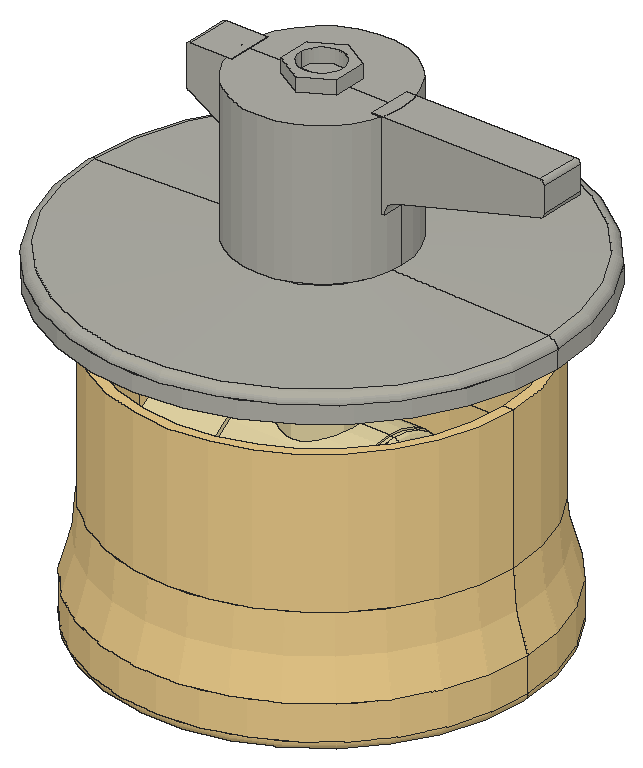
Revit family "QP06060000", category Apparecchi idraulici, Revit 2020
Family settings
  Quota connettore circolare = Usa diametro
  Tipo di parte = Normale
  Numero OmniClass = 23.45.00.00
  Titolo OmniClass = Sanitary, Laundry, and Cleaning Equipment
  Basato su piano di lavoro = No
  Sempre verticale = Sì
  Taglio con vuoti quando caricato = No
  Condiviso = No
  Punto di calcolo locali = No
Parameters
  URL = "https://web.cimberio.com/index.php/figura/269?subcategoria_id=95758"
  Temperatura di esercizio = "-20 ÷ 60°C"
  Prospetto di default = 0 mm
  Produttore = "CIMBERIO SPA"
  Pressione nominale = "MOP 5"
  Modello = "Cim 27GB"
  Materiale = "Prodotto in lega di ottone conforme alla norma EN 12165-CW617N-DW"
  Descrizione = "Utilizzato nell’impiantistica distributiva di gas a bassa pressione per le categorie:\r\nGas naturali: gas derivati dal petrolio (Metano) e gas di ricambio.\r\nGas di città: prodotti secondo i diversi procedimenti (Cracking - Cokerie - ecc.).\r\nGas liquidi: propano e miscele di gas propano/butano"
  DN Model [instance] = QP06061015 : QP06061015
  DN [instance] = 15 mm
  Commenti sul tipo = "Realizzato in ottemperanza ai requisiti gestionali della norma EN ISO 9001.\r\nCollaudato al 100% secondo la normativa EN 12266-1"
Reference planes
  plane 1 "Centro (Fronte/Retro)": y = 0
  plane 2: z = 0
  plane 3 "Centro (Sinistra/Destra)": x = 0
Dimensions and locks
  aligned and locked: level to plane 2
Nested families
  nested 1: "QP06061015" at (0, 0, 0), type <- "DN Model", type "QP06061015"
  nested 2: "QP06061015" at (0, 0, 0), type <- "DN Model", type "QP06061015"
  nested 3: "QP06061015" at (0, 0, 0), type <- "DN Model", type "QP06061015"
Connectors
  piping at (31.15, 0, 0), diameter 15, driven by "DN"
    settings: on nested 1, index 1, connector inside diameter 609.6 mm, connector length 0 mm, flow factor 0, pipe flow 0.0 L/s, pressure drop 0.0 Pa, fitting loss kfactor 0, connector angle 0.00°, fixture units 0, engagement length 0 mm, angle of deflection 0.00°, flow configuration 0, flow direction 0, fitting loss method 0, system type 7, joint type 0, gender type 0, connector reference index -1, connector utility 0, adjustable connector no, is connector primary yes, connector description ""
  piping at (-31.15, 0, 0), diameter 15, driven by "DN"
    settings: on nested 1, index 2, connector inside diameter 609.6 mm, connector length 0 mm, flow factor 0, pipe flow 0.0 L/s, pressure drop 0.0 Pa, fitting loss kfactor 0, connector angle 0.00°, fixture units 0, engagement length 0 mm, angle of deflection 0.00°, flow configuration 0, flow direction 0, fitting loss method 0, system type 7, joint type 0, gender type 0, connector reference index -1, connector utility 0, adjustable connector no, is connector primary no, connector description ""
Definition of nested family "QP06061015"
  Parameters (values of type "QP06061015")
    Default Elevation = 0 mm
  Reference planes
    plane 1 "Centro (Fronte/Retro)": y = 0
    plane 2: z = 0
    plane 3 "Centro (Sinistra/Destra)": x = 0
  Forms (mm)
    Extrusion 1, solid
      sketch origin (0, 0, 0) x (0, 1, 0) y (0, 0, 1)
        loop
          circle (0, 0) r 7.5
        loop
          line (0, 14) -> (-12.124, 7) -> (-12.124, -7) -> (0, -14) -> (12.124, -7) -> (12.124, 7) -> (0, 14)
      from -31.15 to -12.5
    Revolve 2, solid
      sketch origin (0, 0, 0) x (1, 0, 0) y (0, 0, 1)
        loop
          arc (16.35, 14.75) -> (16.057, 15.457) -> (15.35, 15.75) r 1
          line (15.35, 15.75) -> (14.35, 15.75) -> (14.35, 7.5) -> (16.35, 7.5) -> (16.35, 14.75)
        axis (14.35, 0) -> (16.35, 0)
      angle from 0 to 360
    Revolve 3, solid
      sketch origin (0, 0, 3) x (1, 0, 0) y (0, 0, 1)
        loop
          line (-5, 38.413) -> (-16.156, 38.413) -> (-14.45, 35) -> (-10, 35)
          arc (-10, 35) -> (-8.586, 34.414) -> (-8, 33) r 2
          line (-8, 33) -> (-8, 8) -> (-5, 8) -> (-5, 38.413)
        axis (0, 38.413) -> (0, 8)
      angle from 0 to 360
    Extrusion 4, solid
      sketch origin (0, 0, 0) x (0, 1, 0) y (0, 0, -1)
        loop
          circle (0, 0) r 7.5
        loop
          line (0, -14) -> (12.124, -7) -> (12.124, 7) -> (0, 14) -> (-12.124, 7) -> (-12.124, -7) -> (0, -14)
      from -31.15 to -16.35
    Revolve 5, solid
      sketch origin (0, 0, 0) x (1, 0, 0) y (0, 0, 1)
        loop
          line (14.35, 16) -> (-12.5, 16) -> (-14.5, 14) -> (-14.5, 7.5) -> (14.35, 7.5) -> (14.35, 16)
        axis (-14.5, 0) -> (14.35, 0)
      angle from 0 to 360
    Revolve 6, solid
      sketch origin (0, 0, -4.478) x (1, 0, 0) y (0, 0, 1)
        loop
          arc (-48.058, 51.036) -> (-49.435, 50.431) -> (-50, 49.037) r 2
          line (-50, 49.037) -> (-50, 45.48) -> (0, 45.48) -> (0, 83.602) -> (-17, 83.602) -> (-17, 53.602) -> (-14.5, 53.602) -> (-14.5, 52.01) -> (-48.058, 51.036)
        axis (0, 83.602) -> (0, 45.48)
      angle from 0 to 360
    Extrusion 7, solid
      sketch origin (0, 0, 0.124) x (1, 0, 0) y (0, 0, 1)
        loop
          arc (-24, 79) -> (-24.707, 78.707) -> (-25, 78) r 1
          line (-25, 78) -> (-25, 70.577)
          arc (-25, 70.577) -> (-24.866, 70.077) -> (-24.5, 69.711) r 1
          line (-24.5, 69.711) -> (-18.5, 66.247)
          arc (-18.5, 66.247) -> (-17.392, 65.132) -> (-17, 63.609) r 3
          line (-17, 63.609) -> (-15.29, 63.609) -> (-15.29, 79) -> (-24, 79)
      from -4.744 to 4.66
    Extrusion 8, solid
      sketch origin (0, 0, 0.124) x (1, 0, 0) y (0, 0, 1)
        loop
          line (14.258, 79) -> (14.258, 60.584) -> (17, 60.584)
          arc (17, 60.584) -> (17.619, 62.412) -> (19.224, 63.485) r 3
          line (19.224, 63.485) -> (50.259, 71.801)
          arc (50.259, 71.801) -> (50.793, 72.158) -> (51, 72.767) r 1
          line (51, 72.767) -> (51, 78)
          arc (51, 78) -> (50.707, 78.707) -> (50, 79) r 1
          line (50, 79) -> (14.258, 79)
      from -4.744 to 4.66
    Extrusion 9, solid
      sketch origin (0, 0, 0.124) x (1, 0, 0) y (0, 1, 0)
        loop
          line (-6, 3.464) -> (-6, -3.464) -> (0, -6.928) -> (6, -3.464) -> (6, 3.464) -> (0, 6.928) -> (-6, 3.464)
        loop
          circle (0, 0) r 4.5
      from 79 to 81.944
    Revolve 10, solid
      sketch origin (-0.049, 0, 0.015) x (1, 0, 0) y (0, 0, 1)
        loop
          line (0, -25) -> (41.7, -25)
          arc (41.7, -25) -> (43.115, -24.413) -> (43.7, -22.997) r 2
          line (43.7, -22.997) -> (43.7, -15.743)
          arc (43.7, -15.743) -> (41.489, -8.009) -> (40.744, 0) r 43.397
          line (40.744, 0) -> (40.744, 30) -> (38.719, 30) -> (38.719, 0)
          arc (38.719, 0) -> (39.524, -8.378) -> (41.836, -16.469) r 45.397
          line (41.836, -16.469) -> (41.836, -23) -> (0, -23) -> (0, -25)
        axis (0, -25) -> (0, 30)
      angle from 0 to 360
  Dimensions and locks
    aligned and locked: level to plane 2
